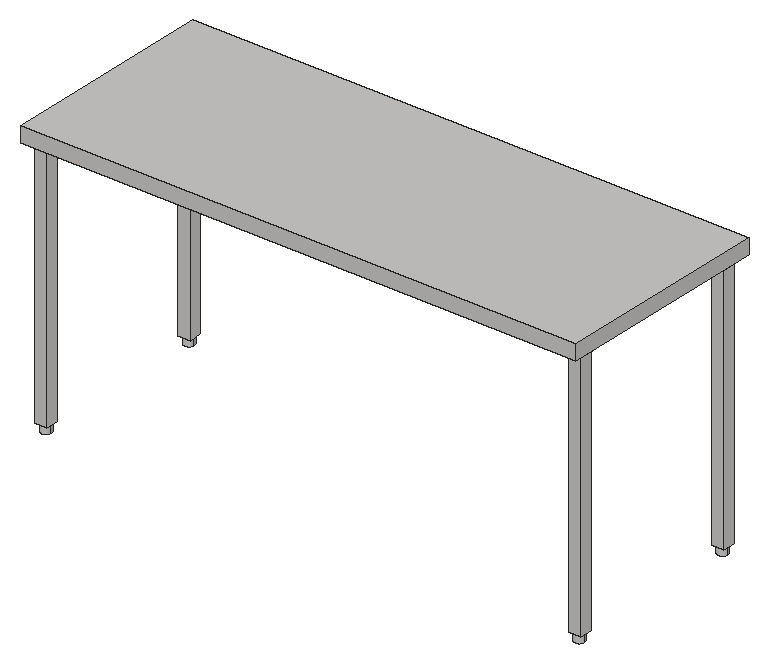
Revit family "QF_ELECTROLUXPROFESSIONAL_132727_TG1800PN", category Attrezzature speciali, Revit 2020
Family settings
  Quota connettore circolare = Usa diametro
  Tipo di parte = Normale
  Basato su piano di lavoro = No
  Sempre verticale = Sì
  Taglio con vuoti quando caricato = No
  Condiviso = No
  Punto di calcolo locali = No
Parameters (values of type "Standard")
  Weight = 54.00 kg
  Watts = 0 W
  Volts = 0 V
  URL Manufacturer = "https://www.electroluxprofessional.com/"
  URL = "https://www.electroluxprofessional.com/"
  Steam Supply Size = 0 mm
  Steam Supply Minimum Pressure = 0.0 Pa
  Steam Supply Maximum Pressure = 0.0 Pa
  Steam Consumption per Hour = 0
  Refrigeration Suction Line Size = 0.0 mm
  Refrigeration Liquid Line Size = 0.0 mm
  Refrigerant Compressor Remote = yes
  Prospetto di default = 0.0 mm
  Produttore = "Electrolux Professional"
  Phase = 0
  Modello = "TG1800PN"
  Length Actual = 1800.0 mm  # constant formula
  Item Number = "132727"
  Hot Water Size = 0 mm
  Height Actual = 900.0 mm  # constant formula
  HP = "0 HP"
  Gas Size = 0 mm
  Gas KW = 0
  Gas Input Pressure = 0 W
  Direct Waste Size = 0 mm
  Descrizione = "WORK TABLE 1800 MM"
  Depth Actual = 700.0 mm  # constant formula
  Cycle = 0 Hz
  Condensate Return Size = 0 mm
  Compressed Air Volume = 0.0 L/s
  Compressed Air Size = 0 mm
  Compressed Air Pressure = 0.0 Pa
  Cold Water Size = 0 mm
  Accessory = yes
Reference planes
  plane 1 "Center (Front/Back)": y = 0
  plane 2: z = 0
  plane 3 "Center (Left/Right)": x = -400
  plane 4 "LEFT": x = -1300
  plane 5 "RIGHT": x = 500
  plane 6 "BACK": y = 350
  plane 7 "FRONT": y = -350
  plane 8 "Base": z = 850
  plane 9 "TOP": z = 900
  plane 10: x = -1264.5
  plane 11: x = 464.5
  plane 12: y = 290
  plane 13: y = -290
Forms (mm)
  Extrusion 1, solid, material "QF_Finishes_Stainless Steel"
    sketch origin (-400, 0, 0) x (0, 1, 0) y (0, 0, 1)
      loop
        line (-350, 850) -> (350, 850) -> (350, 900) -> (-350, 900) -> (-350, 850)
    from 900 to -900
Lines and regions (mm)
  symbolic lines
    curve 1: line (500, 350, 900) -> (-1300, 350, 900)
    curve 2: line (-1300, 350, 900) -> (-1300, -350, 900)
    curve 3: line (-1300, -350, 900) -> (500, -350, 900)
    curve 4: line (500, -350, 900) -> (500, 350, 900)
Dimensions and locks
  plane 4 "LEFT" to plane 5 "RIGHT" = 1800.0 mm
  equal spacing: plane 4 "LEFT", plane 3 "Center (Left/Right)", plane 5 "RIGHT"
  locked: plane 8 "Base" to level at 850
  plane 4 "LEFT" to plane 10 = 35.5 mm
  plane 11 to plane 5 "RIGHT" = 35.5 mm
  plane 10 to plane 11 = 1729.0 mm
  locked: plane 9 "TOP" to level at 900
  plane 6 "BACK" to plane 12 = 60.0 mm
  plane 13 to plane 7 "FRONT" = 60.0 mm
  plane 6 "BACK" to plane 7 "FRONT" = 700.0 mm
  plane 12 to plane 13 = 580.0 mm
  equal spacing: plane 6 "BACK", plane 1 "Center (Front/Back)", plane 7 "FRONT"
  aligned and locked: level to plane 2
  aligned and locked: plane 10 to nested 1
  aligned and locked: nested 1 to plane 13
  aligned and locked: plane 11 to nested 2
  aligned and locked: nested 2 to plane 13
  aligned and locked: plane 11 to nested 4
  aligned and locked: nested 4 to plane 12
  aligned and locked: plane 10 to nested 3
  aligned and locked: nested 3 to plane 12
  aligned and locked: Extrusion 1 to plane 4 "LEFT"
  aligned and locked: plane 5 "RIGHT" to Extrusion 1
  aligned and locked: curve 2 to plane 4 "LEFT"
Automatic sketch dimensions
  Extrusion 1 sketch curve to plane 7 "FRONT" = 0.0 mm
  Extrusion 1 sketch curve to plane 8 "Base" = 0.0 mm
  curve 3 to plane 7 "FRONT" = 0.0 mm
  curve 4 to plane 6 "BACK" = 0.0 mm
  Extrusion 1 sketch curve to plane 9 "TOP" = 0.0 mm
  Extrusion 1 sketch curve to plane 6 "BACK" = 0.0 mm
  curve 4 to plane 5 "RIGHT" = 0.0 mm
Nested families
  nested 1: "FEET_40x40" at (-1264.5, -290, 0), type "FEET_40x40"
  nested 2: "FEET_40x40" at (464.5, -290, 0), type "FEET_40x40"
  nested 3: "FEET_40x40" at (-1264.5, 290, 0), type "FEET_40x40"
  nested 4: "FEET_40x40" at (464.5, 290, 0), type "FEET_40x40"
Definition of nested family "FEET_40x40"
  Parameters
    Default Elevation = 0.0 mm
    FEET = 850.0 mm
  Reference planes
    plane 1 "Center (Front/Back)": y = 0
    plane 2: z = 0
    plane 3 "Center (Left/Right)": x = 0
    plane 4: z = 850
  Forms (mm)
    Extrusion 1, solid
      sketch origin (0, 0, 0) x (1, 0, 0) y (0, 1, 0)
        loop
          line (-20, -20) -> (20, -20) -> (20, 20) -> (-20, 20) -> (-20, -20)
      from 25 to 845
    Extrusion 2, solid
      sketch origin (0, 0, 0) x (1, 0, 0) y (0, 1, 0)
        loop
          circle (0, 0) r 16
      from 0 to 25
    Extrusion 3, solid
      sketch origin (0, 0, 0) x (1, 0, 0) y (0, 1, 0)
        loop
          line (30, 30) -> (-30, 30) -> (-30, -30) -> (30, -30) -> (30, 30)
      from 845 to 850
  Lines and regions (mm)
    symbolic lines
      curve 1: line (0, -1.503, 0) -> (0, 1.508, 0)
      curve 2: line (1.561, 0, 0) -> (-1.439, 0, 0)
  Dimensions and locks
    "FEET": plane 4 to plane 2
    aligned and locked: level to plane 2
  Automatic sketch dimensions
    Extrusion 1 sketch curve to plane 3 "Center (Left/Right)" = 20.0 mm
    plane 3 "Center (Left/Right)" to Extrusion 1 sketch curve = 20.0 mm
    plane 1 "Center (Front/Back)" to Extrusion 1 sketch curve = 20.0 mm
    Extrusion 1 sketch curve to plane 1 "Center (Front/Back)" = 20.0 mm
    plane 1 "Center (Front/Back)" to Extrusion 2 sketch curve = 0.0 mm
    Extrusion 2 sketch curve to plane 3 "Center (Left/Right)" = 0.0 mm
    plane 3 "Center (Left/Right)" to Extrusion 3 sketch curve = 30.0 mm
    Extrusion 3 sketch curve to plane 1 "Center (Front/Back)" = 30.0 mm
    Extrusion 3 sketch curve to plane 3 "Center (Left/Right)" = 30.0 mm
    plane 1 "Center (Front/Back)" to Extrusion 3 sketch curve = 30.0 mm
    plane 1 "Center (Front/Back)" to curve 2 = 0.0 mm
    curve 1 to plane 3 "Center (Left/Right)" = 0.0 mm
    curve 2 to plane 3 "Center (Left/Right)" = 1.439 mm
    plane 3 "Center (Left/Right)" to curve 2 = 1.561 mm
    plane 1 "Center (Front/Back)" to curve 1 = 1.503 mm
    curve 1 to plane 1 "Center (Front/Back)" = 1.508 mm
    radius of Extrusion 2 sketch curve = 16.0 mm
